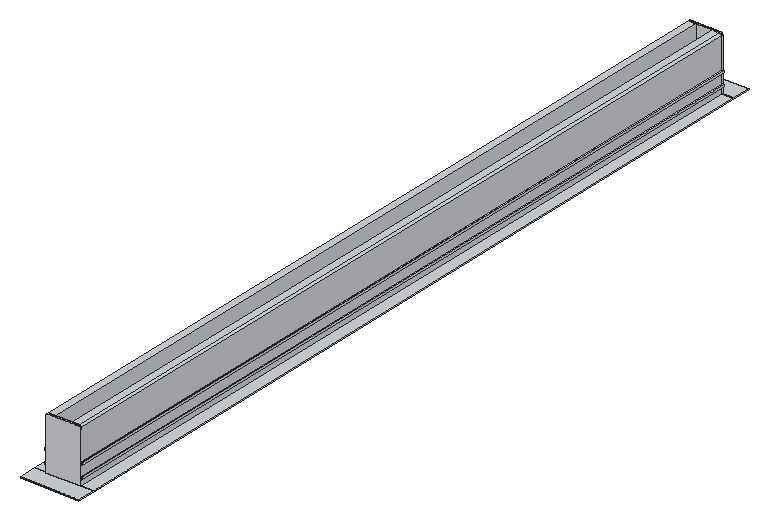
Revit family
Parameters
  URL = "http://www.anemostat.com/"
  Model = "SLAD-FS-100"
  Manufacturer = "Anemostat"
  Length  User Defined = 48"
  Duct Width = 2 5/16"
  Duct Length = Length  User Defined + 1/4"  # 48 1/4"
  C = 3 1/2"
Reference planes (in)
  plane 1 "Center (Front/Back)": y = 0
  plane 2: z = 0
  plane 3 "Center (Left/Right)": x = 0
  plane 4: x = -1.75
  plane 5: x = 1.75
  plane 6: y = -24
  plane 7 "Length": y = -48
  plane 8 "Face": z = -0.05
Forms (in)
  Extrusion 1, solid
    sketch origin (0, 0, 0) x (1, 0, 0) y (0, 0, 1)
      loop
        line (0.91328, 3.231) -> (-0.91328, 3.231) -> (-1.025, 3.11928) -> (-1.025, 1.27628) -> (-1.145, 1.27628) -> (-1.145, 1.16428) -> (-1.095, 1.16428) -> (-1.095, 1.22628) -> (-1.025, 1.22628) -> (-1.025, 0.47128) -> (-1.095, 0.47128) -> (-1.095, 0.53328) -> (-1.145, 0.53328) -> (-1.145, 0.42128) -> (-1.025, 0.42128) -> (-1.025, 0) -> (-1.75, 0) -> (-1.75, -0.05) -> (-0.50028, -0.05) -> (0.50028, -0.05) -> (1.75, -0.05) -> (1.75, 0) -> (1.025, 0) -> (1.025, 0.42128) -> (1.145, 0.42128) -> (1.145, 0.53328) -> (1.095, 0.53328) -> (1.095, 0.47128) -> (1.025, 0.47128) -> (1.025, 1.22628) -> (1.095, 1.22628) -> (1.095, 1.16428) -> (1.145, 1.16428) -> (1.145, 1.27628) -> (1.025, 1.27628) -> (1.025, 3.11928) -> (0.91328, 3.231)
    from 0 to 48 <- "Length  User Defined"
  Extrusion 2, solid
    sketch origin (0, 0, 0) x (1, 0, 0) y (0, 0, 1)
      loop
        line (-1.025, 0) -> (1.025, 0) -> (1.025, 3.11928) -> (0.91328, 3.231) -> (-0.91328, 3.231) -> (-1.025, 3.11928) -> (-1.025, 0)
    from 0 to -0.0625
  Extrusion 3, solid
    sketch origin (0, -48, 0) x (0, 0, 1) y (-1, 0, 0)
      loop
        line (0, -1.025) -> (3.11928, -1.025) -> (3.231, -0.91328) -> (3.231, 0.91328) -> (3.11928, 1.025) -> (0, 1.025) -> (0, -1.025)
    from 0 to 0.0625
  Extrusion 4, solid
    sketch origin (0, 0, 0) x (1, 0, 0) y (0, 0, 1)
      loop
        line (-1.75, 0) -> (-1.75, -0.05) -> (1.75, -0.05) -> (1.75, 0) -> (-1.75, 0)
    from 0 to -1.10156
  Extrusion 5, solid
    sketch origin (0, -48, 0) x (0, 0, 1) y (-1, 0, 0)
      loop
        line (0, -1.75) -> (0, 1.75) -> (-0.05, 1.75) -> (-0.05, -1.75) -> (0, -1.75)
    from 0 to 1.10156
  Extrusion 6, void
    sketch origin (0, 0, -0.05) x (-1, 0, 0) y (0, -1, 0)
      loop
        line (-0.5, 0) -> (0.5, 0) -> (0.5, 48) -> (-0.5, 48) -> (-0.5, 0)
    from 0 to 3.28125
Cuts and joins
  Extrusion 6 cuts Extrusion 1
  Extrusion 6 cuts Extrusion 2
  Extrusion 6 cuts Extrusion 3
Dimensions and locks (in)
  equal spacing: plane 5, plane 3 "Center (Left/Right)", plane 4
  "C": plane 5 to plane 4
  equal spacing: plane 1 "Center (Front/Back)", plane 6, plane 7 "Length"
  "Length  User Defined": plane 1 "Center (Front/Back)" to plane 7 "Length"
Automatic sketch dimensions
  Extrusion 1 sketch curve to level = 0"  (x2)
  Extrusion 1 sketch curve to plane 4 = 0"
  Extrusion 1 sketch curve to plane 5 = 0"
  plane 4 to Extrusion 1 sketch curve = 0.605"  (x2)
  Extrusion 1 sketch curve to Extrusion 1 sketch curve = 0.05"  (x8)
  Extrusion 1 sketch curve to Extrusion 1 sketch curve = 0.07"  (x3)
  Extrusion 1 sketch curve to Extrusion 1 sketch curve = 0.12"
  plane 4 to Extrusion 1 sketch curve = 0.725"
  Extrusion 1 sketch curve to Extrusion 1 sketch curve = 0.11172"  (x3)
  Extrusion 1 sketch curve to Extrusion 1 sketch curve = 0.52472"  (x2)
  Extrusion 1 sketch curve to plane 5 = 1.24972"
  Extrusion 1 sketch curve to plane 5 = 0.83672"
  Extrusion 1 sketch curve to Extrusion 1 sketch curve = 0"
  Extrusion 1 sketch curve to level = 0.05"
  Extrusion 1 sketch curve to Extrusion 1 sketch curve = 0.42128"  (x2)
  Extrusion 1 sketch curve to Extrusion 1 sketch curve = 0.062"  (x4)
  Extrusion 1 sketch curve to Extrusion 1 sketch curve = 0.631"  (x2)
  Extrusion 1 sketch curve to Extrusion 1 sketch curve = 1.843"  (x2)
  Extrusion 4 sketch curve to plane 4 = 0"
  Extrusion 4 sketch curve to plane 5 = 0"
  Extrusion 4 sketch curve to plane 8 "Face" = 0"
  Extrusion 4 sketch curve to level = 0"
  Extrusion 5 sketch curve to plane 5 = 0"
  Extrusion 5 sketch curve to plane 8 "Face" = 0"
  Extrusion 5 sketch curve to level = 0"
  Extrusion 5 sketch curve to plane 4 = 0"
  plane 7 "Length" to Extrusion 6 sketch curve = 0"
  plane 1 "Center (Front/Back)" to Extrusion 6 sketch curve = 0"
  plane 3 "Center (Left/Right)" to Extrusion 6 sketch curve = 1/2"
  Extrusion 6 sketch curve to plane 3 "Center (Left/Right)" = 1/2"
  Extrusion 3 sketch curve to level = 0"
  Extrusion 3 sketch curve to plane 5 = 0.725"
  level to Extrusion 3 sketch curve = 3.11928"
  plane 4 to Extrusion 3 sketch curve = 0.725"
  Extrusion 3 sketch curve to Extrusion 3 sketch curve = 0"
  Extrusion 3 sketch curve to plane 5 = 0.83672"
  Extrusion 3 sketch curve to Extrusion 3 sketch curve = 0.11172"  (x2)
  Extrusion 2 sketch curve to level = 0"
  plane 4 to Extrusion 2 sketch curve = 0.725"
  Extrusion 2 sketch curve to Extrusion 2 sketch curve = 0.11172"  (x2)
  Extrusion 2 sketch curve to plane 5 = 0.83672"
  Extrusion 2 sketch curve to plane 5 = 0.725"
  level to Extrusion 2 sketch curve = 3.11928"
  Extrusion 2 sketch curve to Extrusion 2 sketch curve = 0"
Connectors (in)
  hvac at (0, -24, 3.231), driven by "Duct Length", driven by "Duct Width"
    settings: on Extrusion 1, index 1
